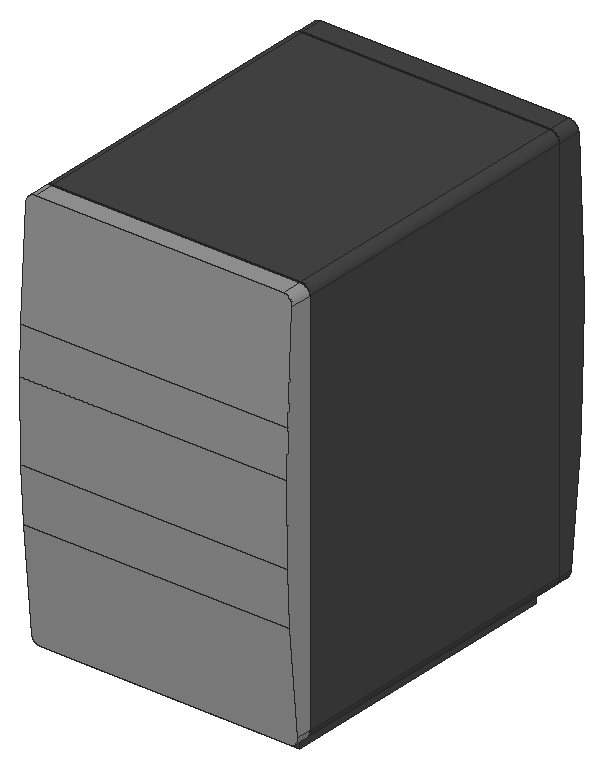
Revit family "Franke_Under_table_refrigerator_UT12_CM-A1000_FM_CM(USA)", category Specialty Equipment, Revit 2015
Parameters (values of type "Under table refrigerator UT12 CM-A1000 FM CM(110-127V/anthracite/USA)")
  Volts max. = 127 V
  URL = "https://www.franke.com/main/en/cs/products/product-search.html"
  Depth (mm) = 475 mm
  Temperature range = "+ 3° to + 8°"
  Volts min. = 110 V
  Max Overcurrent Protection = "-"
  Cycle Alternative = 0 Hz
  Cycle = 60 Hz
  Model = "410880 - Under table refrigerator UT12 CM - A1000 FM CM"
  Milk storage = "12 l"
  Current consumption = 1.7 A
  Cost = 0
  Height (mm) = 544 mm
  Manufacturer = "Franke"
  Energy loss acc. to DIN 18873 = "0.783 kWh/24 h - 230 V"
  Width (mm) = 340 mm
  Description = "key module Under table refrigerator UT12 for storage of cooled milk"
  Assembly Code = "key module Under table refrigerator UT12"
  Keynote = "key module Under table refrigerator UT12"
  Weight = "26 kg"
  Number of Poles = 1
  Number of Protective Conductors = "1"
  Number of Nutral Conductors = "1"
  Frontcover = Franke Anthracite
Types (3, lengths in mm): name | Frontcover
  (no name) | Franke Anthracite
  Under table refrigerator UT12 CM-A1000 FM CM(110-127V/black line/USA) | Franke Black
  Under table refrigerator UT12 CM-A1000 FM CM(110-127V/anthracite/USA) | Franke Anthracite
Reference planes
  plane 1 "Mitte (Vorne/Hinten)": y = 0
  plane 2: z = 0
  plane 3 "Mitte (Links/Rechts)": x = 0
Forms (mm)
  Extrusion 1, solid, material "Franke Black"
    sketch origin (0, 0, -42) x (1, 0, 0) y (0, 0, 1)
      loop
        arc (-170, 78) -> (-166.485, 69.515) -> (-158, 66) r 12
        line (-158, 66) -> (158, 66)
        arc (158, 66) -> (166.485, 69.515) -> (170, 78) r 12
        line (170, 78) -> (170, 574)
        arc (170, 574) -> (166.485, 582.485) -> (158, 586) r 12
        line (158, 586) -> (-158, 586)
        arc (-158, 586) -> (-166.485, 582.485) -> (-170, 574) r 12
        line (-170, 574) -> (-170, 78)
    from -198.03 to 198.03
  Extrusion 2, solid, material "Franke Black"
    sketch origin (0, 0, -42) x (0, 1, 0) y (0, 0, 1)
      loop
        line (186.97, 66) -> (-188.03, 66) -> (-188.03, 46) -> (186.97, 46) -> (186.97, 66)
    from -149 to 149
  Extrusion 3, solid, material "Franke Black"
    sketch origin (0, 0, -42) x (1, 0, 0) y (0, 1, 0)
      loop
        line (-139, 119.911) -> (-139, 96.511) -> (-120.3, 96.511) -> (-120.3, 119.911) -> (-139, 119.911)
      loop
        line (120.3, 119.911) -> (120.3, 96.511) -> (139, 96.511) -> (139, 119.911) -> (120.3, 119.911)
      loop
        line (120.3, -95.689) -> (120.3, -119.089) -> (139, -119.089) -> (139, -95.689) -> (120.3, -95.689)
      loop
        line (-139, -95.689) -> (-139, -119.089) -> (-120.3, -119.089) -> (-120.3, -95.689) -> (-139, -95.689)
    from 42 to 46
  Extrusion 4, void
    sketch origin (0, 0, -42) x (1, 0, 0) y (0, 1, 0)
      loop
        circle (-127.5, 166.47) r 16
      loop
        circle (-127.5, -166.13) r 16
      loop
        circle (127.5, 166.47) r 16
      loop
        circle (127.5, -166.13) r 16
    from 16.904 to 51
  Extrusion 5, solid, material "Franke Anthracite" <- "Frontcover"
    sketch origin (0, 0, -42) x (0, 1, 0) y (0, 0, 1)
      loop
        line (-199.53, 586) -> (-226.03, 586)
        arc (-226.03, 586) -> (-230.938, 512.688) -> (-234.804, 439.314) r 5166.525
        arc (-234.804, 439.314) -> (-235.718, 409.388) -> (-235.736, 379.448) r 1000
        arc (-235.736, 379.448) -> (-234.928, 328.403) -> (-233.97, 277.36) r 17389.365
        arc (-233.97, 277.36) -> (-232.66, 242.583) -> (-230.141, 207.872) r 1000
        arc (-230.141, 207.872) -> (-223.415, 136.903) -> (-216.03, 66) r 7668.804
        line (-216.03, 66) -> (-199.53, 66) -> (-199.53, 586)
    from -170 to 170
  Extrusion 6, solid, material "Franke Black"
    sketch origin (0, 0, -42) x (0, 1, 0) y (0, 0, 1)
      loop
        line (228.03, 586) -> (199.53, 586) -> (199.53, 66) -> (216.03, 66)
        arc (216.03, 66) -> (223.625, 137.651) -> (230.787, 209.347) r 11934.303
        arc (230.787, 209.347) -> (233.53, 243.904) -> (235.074, 278.535) r 1000
        arc (235.074, 278.535) -> (236.278, 326.896) -> (237.256, 375.262) r 10374.963
        arc (237.256, 375.262) -> (237.334, 405.934) -> (236.472, 436.595) r 1000
        arc (236.472, 436.595) -> (232.736, 511.325) -> (228.03, 586) r 5764.394
    from -170 to 170
  Extrusion 7, solid, material "Franke Black"
    sketch origin (0, 0, -42) x (1, 0, 0) y (0, 0, 1)
      loop
        line (-120, 576) -> (-120, 66) -> (120, 66) -> (120, 576) -> (-120, 576)
    from 198.03 to 199.53
  Extrusion 8, solid, material "Franke Black"
    sketch origin (0, 397.56, -42) x (1, 0, 0) y (0, 0, 1)
      loop
        line (-120, 576) -> (-120, 66) -> (120, 66) -> (120, 576) -> (-120, 576)
    from 198.03 to 199.53
  Extrusion 9, void
    sketch origin (0, 0, -42) x (1, 0, 0) y (0, 0, 1)
      loop
        line (-158, 586) -> (-158, 596) -> (-180, 596) -> (-180, 574) -> (-170, 574)
        arc (-170, 574) -> (-166.485, 582.485) -> (-158, 586) r 12
      loop
        arc (158, 586) -> (166.485, 582.485) -> (170, 574) r 12
        line (170, 574) -> (180, 574) -> (180, 596) -> (158, 596) -> (158, 586)
      loop
        arc (-158, 66) -> (-166.485, 69.515) -> (-170, 78) r 12
        line (-170, 78) -> (-180, 78) -> (-180, 56) -> (-158, 56) -> (-158, 66)
      loop
        line (158, 66) -> (158, 56) -> (180, 56) -> (180, 78) -> (170, 78)
        arc (170, 78) -> (166.485, 69.515) -> (158, 66) r 12
    from -296.752 to 350.669
  Extrusion 10, solid
    sketch origin (0, 0, 0) x (1, 0, 0) y (0, 1, 0)
      loop
        circle (0, 140.802) r 2.5
    from 0 to 4
Cuts and joins
  Extrusion 4 cuts Extrusion 2
  Extrusion 9 cuts Extrusion 5
  Extrusion 9 cuts Extrusion 6
Dimensions and locks
  aligned and locked: level to plane 2
Connectors
  electrical at (0, 140.802, 0), driven by "Volts min.", driven by "Number of Poles"
    settings: on Extrusion 10, index 1, voltage 110 V, apparent load 0 VA, apparent load phase1 0 VA, apparent load phase2 0 VA, apparent load phase3 0 VA, power factor 1, load classification "Strom", number of poles 1, system type 31, power factor state 1, is connector primary yes, connector utility no, sub classification motor no, connector description ""
